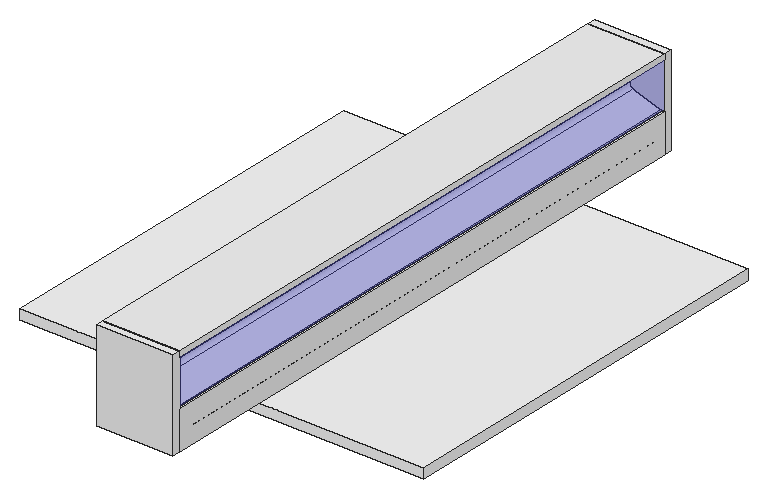
Revit family "BE_50800.1_de_DE", category Leuchten, Revit 2020
Family settings
  Basisbauteil = Fläche
  Bemaßung runder Anschluss = Durchmesser verwenden
  Teiletyp = Normal
  Beim Laden mit Abzugskörper schneiden = Ja
  Lichtquelle = Ja
  Gemeinsam genutzt = Nein
  Raumberechnungspunkt = Ja
Parameters (values of type "BEGA_50800.1_K3")
  built-in parameter 1150104 = 13.778 (stored number, unit not read)
  Wattage = 23.6 W
  Default Elevation = 0 mm
  built-in parameter 1150113 = 1 (stored number, unit not read)
  built-in parameter 1114218 = 1 (stored number, unit not read)
  Umgebungstemperatur = "25 °C"
  URL = "https://www.bega.com/de/produkt/50800.1"
  Typenkommentare = "© 2023 BEGA. Wir behalten uns das Recht vor, technische Änderungen ohne vorherige Ankündigung vorzunehmen."  # constant formula
  built-in parameter 1150134 = (empty or 0)
  built-in parameter 1150109 = 1 (stored number, unit not read)
  Strom = ""
  built-in parameter 1150110 = 1 (stored number, unit not read)
  Spannung = 239.996 V
  Sonderanfertigung = no
  Seriennummer [instance] = "Hier können Sie die eindeutige Seriennummer für das Facility Management eintragen."
  Schutzklasse = "I"
  Schutzart = "IP 20"
  Scheinlast = 0 VA
  Produktdatenblatt = "https://cdn.bega.com/bega/products/50800.1K3/current/documents/data-sheets/de"
  Oberflächentemperatur = ""
  Neigungswinkel = 0.00°
  Modell = "50800.1K3"
  Material_34 = BEGA_Oberfläche_Samtweiss_matt
  Material_14 = BEGA_Kunststoff_opal
  M_W = no
  M_G = no
  M_A = no
  Logo = 0
  built-in parameter 1114217 = 1 (stored number, unit not read)
  built-in parameter 1150139 = (empty or 0)
  built-in parameter 1150105 = 278.53 (stored number, unit not read)
  built-in parameter 1150114 = 1 (stored number, unit not read)
  Lumens = 3500.12 lm
  built-in parameter 1150115 = 1 (stored number, unit not read)
  Leuchtenlichtstrom = "2802 lm"
  Leuchtenanzahl = ""
  Lebensdauerkriterien = "L70B50 @ 25 °C = 180000 h"
  Lastklassifizierung = Beleuchtung
  built-in parameter 1150112 = 1 (stored number, unit not read)
  Lampenlichtstrom = "3500 lm"
  Lampe = "LED 23.6 W"
  LED_Modulbezeichnung = "4x LED-1050/930"
  Hersteller = "BEGA"  # constant formula
  Halbstreuwinkel = ""
  Gewicht = "3.7 kg"
  Gebrauchslageneinschränkung [instance] = ""
  Frequenz = "0/50-60 Hz"
  Farbwiedergabeindex = "CRI > 90"
  Farbtemperaturverschiebung bei Dämpfen der Lampe = <Keine Auswahl>
  Farbtemperatur = "3000 K"
  Color Filter = 16777215
  built-in parameter 1150133 = 10 (stored number, unit not read)
  Energieeffizienzklasse = "LED A++ - A"
  built-in parameter 1150137 = (empty or 0)
  built-in parameter 1150132 = (empty or 0)
  ENEC = "ja"
  Dimmbar [instance] = "DALI"
  Datei für fotometrisches Netz = "BE_50800.1K3.IES"
  CE_Konformität = "ja"
  Bestellnummer = "50800.1K3"
  Beschreibung_Sonderanfertigung = "Hier können Sie Informationen zur Sonderanfertigung eintragen."
  Beschreibung = "Wandleuchte"
  built-in parameter 1150106 = 2.7853 (stored number, unit not read)
  Befestigungsbohrung = "Ø 5,5 mm"
  Befestigungsabstand = "570 mm"
  Ballwurfsicher = ""
  BEGA_Intern_aus = yes
  BEGA_Intern_an = yes
  BEGA_Intern_Konstruktion = yes
  BEGA_Intern = yes
  BEGA_IES = yes
  BEGA_Dummy = no
  Anschlussleitung = ""
  Anschlussleistung [instance] = "27 W"
  Anschlusskasten = ""
  built-in parameter 1150107 = 3000 (stored number, unit not read)
  built-in parameter 1150102 = (empty or 0)
  built-in parameter 1150138 = (empty or 0)
  Aktualisierung = "2023-01-24T04:00:04"
  Abstand_zur_angestrahlten_Fläche [instance] = ""
  AC/DC = "AC/DC"
Reference planes
  plane 1 "Mitte (Vorne/Hinten)": y = 0
  plane 2: z = 0
  plane 3 "Mitte (Links/Rechts)": x = 10.869
  plane 4 "Links": x = -38
  plane 5 "Rechts": x = 38
  plane 6 "Unten": y = -307.864
  plane 7 "Oben": y = 307.864
  plane 8 "Vorne": z = 90.009
  plane 9 "Hinten": z = 0
Forms (mm)
  Extrusion 1, solid, material "BEGA_Platte_Weiss"
    sketch origin (0, -1119.2, 0) x (1, 0, 0) y (0, 1, 0)
      loop
        line (-200, 1319.2) -> (-200, 919.2) -> (200, 919.2) -> (200, 1319.2) -> (-200, 1319.2)
    from 0 to -10
  Extrusion 2, solid, material "BEGA_Dummy_matt", visible <- "BEGA_Dummy"
    sketch origin (80.095, -76.023, 0) x (1, 0, 0) y (0, 1, 0)
      loop
        line (-118.095, 383.888) -> (-118.095, -231.841) -> (-42.095, -231.841) -> (-42.095, 383.888) -> (-118.095, 383.888)
    from 0 to 90.009
Dimensions and locks
  plane 1 "Mitte (Vorne/Hinten)" to Extrusion 1 = 200 mm
  aligned and locked: Extrusion 1 to plane 2
  aligned and locked: Extrusion 1 to level
Nested families
  nested 1: "BE_50800.1_Leuchte" at (0, 0, 0), type "BE_50800.1_Leuchte"
Connectors
  electrical at (0, 0, 0), driven by "Lastklassifizierung", driven by "Spannung", driven by "Scheinlast"
    settings: index 1, voltage 239.996 V, apparent load 0 VA, apparent load phase1 0 VA, apparent load phase2 0 VA, apparent load phase3 0 VA, power factor 1, load classification "Beleuchtung", number of poles 1, system type 31, power factor state 1, is connector primary yes, connector utility no, sub classification motor no, connector description ""
Definition of nested family "BE_50800.1_Leuchte"
  Parameters (values of type "BE_50800.1_Leuchte")
    Default Elevation = 1 mm
    URL = "http://www.bega.de/de/produkt"
    Type Comments = "© 2015 BEGA. Wir behalten uns das Recht vor, technische Änderungen ohne vorherige Ankündigung vorzunehmen. "  # constant formula
    Type Image = (empty or 0)
    Material_34 = none
    Material_14 = none
    Länge_Platte = 200 mm  # constant formula
    Höhe_Platte = -10 mm  # constant formula
    Manufacturer = "BEGA"  # constant formula
    Breite_Platte = 200 mm  # constant formula
  Reference planes
    plane 1 "Mitte (Oben/Unten)": y = 0
    plane 2: z = 0
    plane 3 "Mitte (Links/Rechts)": x = 0
    plane 4: y = 307.864
    plane 5: x = 38
    plane 6: x = -38
    plane 7: y = -307.864
    plane 8: z = 90.009
  Forms (mm)
    Extrusion 1, solid, detail levels medium
      sketch origin (0, 0, 0) x (1, 0, 0) y (0, 1, 0)
        loop
          line (-100, 100) -> (-100, -100) -> (100, -100) -> (100, 100) -> (-100, 100)
      from 0 to -10 <- "Höhe_Platte"
    Extrusion 2, solid, material <- "Material_34"
      sketch origin (0, 0, 0) x (1, 0, 0) y (0, 0, 1)
        loop
          line (-25.8, 0) -> (-23.202, 4.5) -> (22.602, 4.5) -> (25.2, 0) -> (33.2, 0) -> (33.2, 2.5) -> (28.2, 2.5) -> (26.2, 4.5) -> (26.2, 6.5) -> (28.275, 8.575) -> (27.452, 10) -> (24.2, 10) -> (24.2, 8) -> (-27.3, 8) -> (-27.3, 10) -> (-32.122, 10) -> (-33, 9.539)
          arc (-33, 9.539) -> (-33.6, 8.5) -> (-33, 7.461) r 1.2
          line (-33, 7.461) -> (-30.3, 5.902) -> (-30.3, 2.5) -> (-33.8, 2.5) -> (-33.8, 0) -> (-25.8, 0)
      from -299.166 to 299.441
    Extrusion 3, solid, material <- "Material_34"
      sketch origin (0, 0, 0) x (1, 0, 0) y (0, 0, 1)
        loop
          line (38, 90) -> (-38, 90) -> (-38, 85) -> (-36, 85) -> (-36, 86.769) -> (-34.4, 86.804) -> (-34.4, 85) -> (-27.25, 85) -> (-9.175, 78.421)
          arc (-9.175, 78.421) -> (-8.715, 78.479) -> (-8.5, 78.89) r 0.5
          line (-8.5, 78.89) -> (-8.5, 83.995) -> (-3, 84.133) -> (-3, 52.567)
          arc (-3, 52.567) -> (-3.968, 49.61) -> (-6.496, 47.798) r 5
          line (-6.496, 47.798) -> (-34.4, 39) -> (-34.4, 37.196) -> (-36, 37.231) -> (-36, 39) -> (-38, 39) -> (-38, 0.5) -> (-35, 0.5) -> (-35, 2.5) -> (-31.5, 2.5) -> (-31.5, 6.568) -> (-34.5, 8.3) -> (-34.5, 10.8) -> (-31.5, 12.532) -> (-31.5, 33.938)
          arc (-31.5, 33.938) -> (-31.315, 34.546) -> (-30.801, 34.92) r 1
          line (-30.801, 34.92) -> (-21.034, 38) -> (21.034, 38) -> (30.801, 34.92)
          arc (30.801, 34.92) -> (31.297, 34.57) -> (31.5, 33.997) r 1
          line (31.5, 33.997) -> (31.5, 2.5) -> (35, 2.5) -> (35, 0.5) -> (38, 0.5) -> (38, 39) -> (36, 39) -> (36, 37.231) -> (34.4, 37.196) -> (34.4, 38.895) -> (6.498, 47.797)
          arc (6.498, 47.797) -> (3.968, 49.609) -> (3, 52.567) r 5
          line (3, 52.567) -> (3, 84) -> (8.5, 84) -> (8.5, 78.89)
          arc (8.5, 78.89) -> (8.714, 78.479) -> (9.174, 78.421) r 0.5
          line (9.174, 78.421) -> (27.25, 85) -> (34.4, 85) -> (34.4, 86.804) -> (36, 86.769) -> (36, 85) -> (38, 85) -> (38, 90)
      from -299.864 to 300.047
    Extrusion 4, solid, material <- "Material_14"
      sketch origin (0, 0, 0) x (1, 0, 0) y (0, 0, 1)
        loop
          line (37.5, 85) -> (36, 85) -> (36, 86.55) -> (34.5, 86.55) -> (34.5, 37.75) -> (36, 37.75) -> (36, 39.3) -> (37.5, 39.3) -> (37.5, 85)
      from -301.545 to 301.671
    Extrusion 5, solid, material <- "Material_14"
      sketch origin (0, 0, 0) x (-1, 0, 0) y (0, 0, -1)
        loop
          line (37.5, -85) -> (37.5, -39.3) -> (36, -39.3) -> (36, -37.75) -> (34.5, -37.75) -> (34.5, -86.55) -> (36, -86.55) -> (36, -85) -> (37.5, -85)
      from -301.545 to 301.671
    Extrusion 6, solid, material <- "Material_34"
      sketch origin (0, 0, 0) x (0, 1, 0) y (0, 0, 1)
        loop
          line (307.864, 89.869) -> (299.864, 90.009) -> (299.864, 0.491) -> (307.864, 0.631) -> (307.864, 89.869)
      from -37.673 to 37.8
    Extrusion 7, solid, material <- "Material_34"
      sketch origin (0, 0, 0) x (0, -1, 0) y (0, 0, -1)
        loop
          line (307.864, -89.869) -> (307.864, -0.631) -> (299.864, -0.491) -> (299.864, -90.009) -> (307.864, -89.869)
      from -37.673 to 37.8
    Extrusion 8, void
      sketch origin (0, 0, 0) x (1, 0, 0) y (0, 1, 0)
        loop
          arc (-7.8, 282.386) -> (-5.05, 285.136) -> (-7.8, 287.886) r 2.75
          line (-7.8, 287.886) -> (-12.8, 287.886)
          arc (-12.8, 287.886) -> (-15.55, 285.136) -> (-12.8, 282.386) r 2.75
          line (-12.8, 282.386) -> (-7.8, 282.386)
        loop
          arc (-7.3, -165.864) -> (-12.957, -168.208) -> (-15.3, -173.864) r 8
          line (-15.3, -173.864) -> (-15.3, -257.864)
          arc (-15.3, -257.864) -> (-12.957, -263.521) -> (-7.3, -265.864) r 8
          line (-7.3, -265.864) -> (6.7, -265.864)
          arc (6.7, -265.864) -> (12.357, -263.521) -> (14.7, -257.864) r 8
          line (14.7, -257.864) -> (14.7, -173.864)
          arc (14.7, -173.864) -> (12.357, -168.208) -> (6.7, -165.864) r 8
          line (6.7, -165.864) -> (-7.3, -165.864)
        loop
          line (-7.55, -287.364) -> (-7.55, -282.364)
          arc (-7.55, -282.364) -> (-10.3, -279.614) -> (-13.05, -282.364) r 2.75
          line (-13.05, -282.364) -> (-13.05, -287.364)
          arc (-13.05, -287.364) -> (-10.3, -290.114) -> (-7.55, -287.364) r 2.75
      from 4.509 to 8
  Cuts and joins
    Extrusion 8 cuts Extrusion 2
    Extrusion 8 cuts Extrusion 3
  Dimensions and locks
    equal spacing: Extrusion 1 sketch curve, plane 3 "Mitte (Links/Rechts)", Extrusion 1 sketch curve
    equal spacing: Extrusion 1 sketch curve, plane 1 "Mitte (Oben/Unten)", Extrusion 1 sketch curve
    "Länge_Platte": Extrusion 1 sketch curve to Extrusion 1 sketch curve
    "Breite_Platte": Extrusion 1 sketch curve to Extrusion 1 sketch curve
    plane 1 "Mitte (Oben/Unten)" to Extrusion 1 = 100 mm  (x3)
    Extrusion 2 to plane 1 "Mitte (Oben/Unten)" = 299.166 mm
    plane 1 "Mitte (Oben/Unten)" to Extrusion 2 = 299.441 mm
    Extrusion 3 to Extrusion 3 = 599.912 mm
    Extrusion 3 to plane 1 "Mitte (Oben/Unten)" = 299.864 mm
    aligned and locked: Extrusion 1 to plane 2
    aligned and locked: Extrusion 1 to level
  Automatic sketch dimensions
    Extrusion 2 sketch curve to level = 0 mm  (x2)
    Extrusion 2 sketch curve to plane 3 "Mitte (Links/Rechts)" = 33.8 mm
    level to Extrusion 2 sketch curve = 9.539 mm
    Extrusion 2 sketch curve to Extrusion 2 sketch curve = 0.8 mm
    Extrusion 2 sketch curve to Extrusion 2 sketch curve = 0.6 mm  (x2)
    level to Extrusion 2 sketch curve = 10 mm
    Extrusion 2 sketch curve to Extrusion 2 sketch curve = 0.878 mm
    Extrusion 2 sketch curve to Extrusion 2 sketch curve = 3.5 mm
    Extrusion 2 sketch curve to Extrusion 2 sketch curve = 4.822 mm
    Extrusion 2 sketch curve to Extrusion 2 sketch curve = 4.5 mm
    Extrusion 2 sketch curve to Extrusion 2 sketch curve = 2.598 mm  (x2)
    level to Extrusion 2 sketch curve = 4.5 mm
    plane 3 "Mitte (Links/Rechts)" to Extrusion 2 sketch curve = 22.602 mm
    Extrusion 2 sketch curve to Extrusion 2 sketch curve = 1.598 mm
    level to Extrusion 2 sketch curve = 6.5 mm
    Extrusion 2 sketch curve to Extrusion 2 sketch curve = 2 mm  (x4)
    Extrusion 2 sketch curve to Extrusion 2 sketch curve = 3.252 mm
    level to Extrusion 2 sketch curve = 2.5 mm  (x2)
    level to Extrusion 2 sketch curve = 8.575 mm
    Extrusion 2 sketch curve to Extrusion 2 sketch curve = 0.823 mm
    Extrusion 2 sketch curve to Extrusion 2 sketch curve = 5 mm
    Extrusion 2 sketch curve to Extrusion 2 sketch curve = 3.402 mm
    Extrusion 2 sketch curve to Extrusion 2 sketch curve = 1.039 mm
    Extrusion 2 sketch curve to Extrusion 2 sketch curve = 1.425 mm
    level to Extrusion 2 sketch curve = 7.461 mm
    Extrusion 2 sketch curve to Extrusion 2 sketch curve = 0 mm
    Extrusion 3 sketch curve to plane 3 "Mitte (Links/Rechts)" = 38 mm  (x2)
    Extrusion 3 sketch curve to Extrusion 3 sketch curve = 2 mm  (x5)
    level to Extrusion 3 sketch curve = 0.5 mm  (x2)
    Extrusion 3 sketch curve to Extrusion 3 sketch curve = 3 mm  (x3)
    level to Extrusion 3 sketch curve = 8.3 mm
    Extrusion 3 sketch curve to Extrusion 3 sketch curve = 0.5 mm  (x3)
    Extrusion 3 sketch curve to Extrusion 3 sketch curve = 1.6 mm  (x4)
    level to Extrusion 3 sketch curve = 12.532 mm
    level to Extrusion 3 sketch curve = 6.568 mm
    Extrusion 3 sketch curve to Extrusion 3 sketch curve = 2.9 mm  (x2)
    Extrusion 3 sketch curve to Extrusion 3 sketch curve = 1 mm  (x4)
    Extrusion 3 sketch curve to Extrusion 3 sketch curve = 7.15 mm  (x2)
    Extrusion 3 sketch curve to Extrusion 3 sketch curve = 9.466 mm  (x2)
    Extrusion 3 sketch curve to plane 3 "Mitte (Links/Rechts)" = 9.175 mm
    Extrusion 3 sketch curve to Extrusion 3 sketch curve = 0.175 mm
    Extrusion 3 sketch curve to plane 3 "Mitte (Links/Rechts)" = 8 mm
    Extrusion 3 sketch curve to plane 3 "Mitte (Links/Rechts)" = 3 mm
    plane 3 "Mitte (Links/Rechts)" to Extrusion 3 sketch curve = 3 mm
    Extrusion 3 sketch curve to Extrusion 3 sketch curve = 3.498 mm
    Extrusion 3 sketch curve to Extrusion 3 sketch curve = 5 mm
    Extrusion 3 sketch curve to Extrusion 3 sketch curve = 5.5 mm
    Extrusion 3 sketch curve to Extrusion 3 sketch curve = 0.174 mm
    Extrusion 3 sketch curve to Extrusion 3 sketch curve = 14.536 mm
    Extrusion 3 sketch curve to Extrusion 3 sketch curve = 18.75 mm
    level to Extrusion 3 sketch curve = 2.5 mm
    Extrusion 3 sketch curve to Extrusion 3 sketch curve = 3.5 mm
    Extrusion 3 sketch curve to Extrusion 3 sketch curve = 2.5 mm
    Extrusion 3 sketch curve to Extrusion 3 sketch curve = 21.406 mm
    Extrusion 3 sketch curve to Extrusion 3 sketch curve = 31.467 mm
    Extrusion 3 sketch curve to Extrusion 3 sketch curve = 0.029 mm
    Extrusion 3 sketch curve to Extrusion 3 sketch curve = 0.03 mm
    Extrusion 3 sketch curve to Extrusion 3 sketch curve = 3.199 mm
    Extrusion 3 sketch curve to Extrusion 3 sketch curve = 3.258 mm
    Extrusion 3 sketch curve to Extrusion 3 sketch curve = 0.035 mm  (x4)
    Extrusion 3 sketch curve to Extrusion 3 sketch curve = 4.033 mm
    Extrusion 3 sketch curve to Extrusion 3 sketch curve = 1.7 mm
    Extrusion 3 sketch curve to Extrusion 3 sketch curve = 1.769 mm  (x3)
    Extrusion 3 sketch curve to Extrusion 3 sketch curve = 0.105 mm
    Extrusion 3 sketch curve to Extrusion 3 sketch curve = 0 mm  (x10)
    Extrusion 3 sketch curve to Extrusion 3 sketch curve = 9.797 mm
    Extrusion 3 sketch curve to Extrusion 3 sketch curve = 25.854 mm
    Extrusion 3 sketch curve to Extrusion 3 sketch curve = 0.468 mm
    Extrusion 3 sketch curve to Extrusion 3 sketch curve = 5.105 mm
    Extrusion 3 sketch curve to Extrusion 3 sketch curve = 5.11 mm
    Extrusion 3 sketch curve to Extrusion 3 sketch curve = 0.138 mm
    Extrusion 3 sketch curve to Extrusion 3 sketch curve = 1.005 mm
    Extrusion 3 sketch curve to Extrusion 3 sketch curve = 3.231 mm
    Extrusion 3 sketch curve to Extrusion 3 sketch curve = 0.301 mm  (x2)
    Extrusion 3 sketch curve to Extrusion 3 sketch curve = 1.504 mm
    plane 3 "Mitte (Links/Rechts)" to Extrusion 4 sketch curve = 34.5 mm
    Extrusion 4 sketch curve to Extrusion 4 sketch curve = 1.5 mm  (x3)
    level to Extrusion 4 sketch curve = 37.75 mm
    Extrusion 4 sketch curve to Extrusion 4 sketch curve = 1.55 mm  (x2)
    Extrusion 4 sketch curve to Extrusion 4 sketch curve = 45.7 mm
    plane 3 "Mitte (Links/Rechts)" to Extrusion 5 sketch curve = 34.5 mm
    Extrusion 5 sketch curve to Extrusion 5 sketch curve = 1.5 mm  (x3)
    Extrusion 5 sketch curve to level = 37.75 mm
    Extrusion 5 sketch curve to Extrusion 5 sketch curve = 1.55 mm  (x2)
    Extrusion 5 sketch curve to Extrusion 5 sketch curve = 45.7 mm
    level to Extrusion 6 sketch curve = 90.009 mm
    Extrusion 6 sketch curve to plane 1 "Mitte (Oben/Unten)" = 299.864 mm
    Extrusion 6 sketch curve to Extrusion 6 sketch curve = 8 mm
    Extrusion 6 sketch curve to Extrusion 6 sketch curve = 0.14 mm
    level to Extrusion 6 sketch curve = 0.631 mm
    level to Extrusion 6 sketch curve = 0.491 mm
    Extrusion 7 sketch curve to level = 90.009 mm
    Extrusion 7 sketch curve to plane 1 "Mitte (Oben/Unten)" = 299.864 mm
    Extrusion 7 sketch curve to Extrusion 7 sketch curve = 8 mm
    Extrusion 7 sketch curve to Extrusion 7 sketch curve = 0.14 mm
    Extrusion 7 sketch curve to level = 0.631 mm
    Extrusion 7 sketch curve to level = 0.491 mm
    Extrusion 8 sketch curve to plane 3 "Mitte (Links/Rechts)" = 7.8 mm
    Extrusion 8 sketch curve to plane 1 "Mitte (Oben/Unten)" = 282.386 mm
    Extrusion 8 sketch curve to Extrusion 8 sketch curve = 2.75 mm  (x2)
    Extrusion 8 sketch curve to Extrusion 8 sketch curve = 5 mm  (x3)
    Extrusion 8 sketch curve to Extrusion 8 sketch curve = 8 mm
    plane 1 "Mitte (Oben/Unten)" to Extrusion 8 sketch curve = 257.864 mm
    Extrusion 8 sketch curve to plane 3 "Mitte (Links/Rechts)" = 7.3 mm  (x2)
    plane 3 "Mitte (Links/Rechts)" to Extrusion 8 sketch curve = 6.7 mm  (x2)
    Extrusion 8 sketch curve to Extrusion 8 sketch curve = 92 mm
    Extrusion 8 sketch curve to Extrusion 8 sketch curve = 0 mm  (x2)
    Extrusion 8 sketch curve to plane 3 "Mitte (Links/Rechts)" = 10.3 mm
    Extrusion 8 sketch curve to Extrusion 8 sketch curve = 16.5 mm
